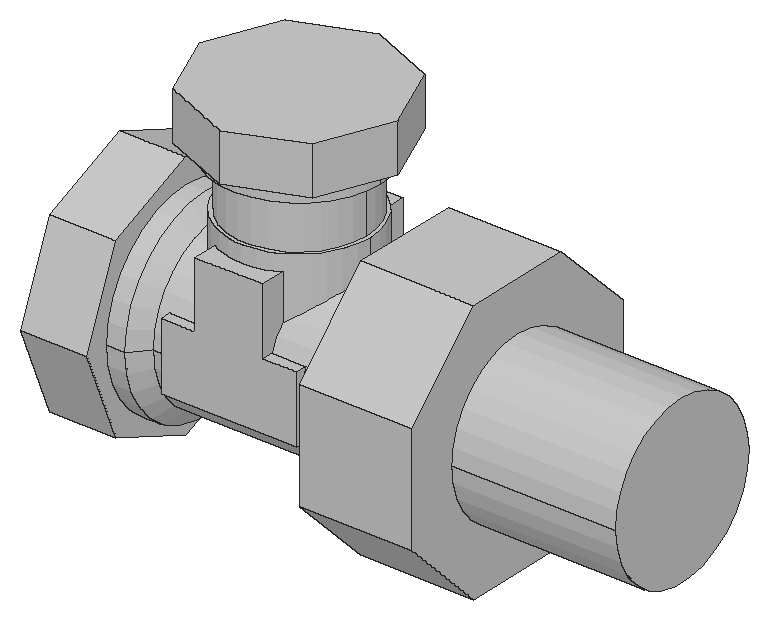
Revit family "PA_Арматура трубопроводов [клапан настроечный прямой, VT.020.N]1 - VALTEC", category Арматура трубопроводов, Revit 2018
Family settings
  Размер круглого соединителя = Использовать диаметр
  Тип детали = Вставляется
  На основе рабочей плоскости = Нет
  Всегда вертикально = Да
  При загрузке вырезать с полостями = Нет
  Общий = Нет
Parameters (values of type "VT.020.N")
  Таблица 2 = "PA_Арматура трубопроводов [клапан настроечный прямой, VT.020.N] - VALTEC - Таблица 2"  # constant formula
  Таблица 1 = "PA_Арматура трубопроводов [клапан настроечный прямой, VT.020.N] - VALTEC - Таблица 1"  # constant formula
  Изготовитель = "VALTEC"  # constant formula
  d9 [instance] = size_lookup(Таблица 1, "d9", 0 mm, d)  # 17.6 mm
  d8 [instance] = size_lookup(Таблица 1, "d8", 0 mm, d)  # 21.2 mm
  d7 [instance] = size_lookup(Таблица 1, "d7", 0 mm, d)  # 23.8 mm
  d6 [instance] = size_lookup(Таблица 1, "d6", 0 mm, d)  # 21.5 mm
  d10 [instance] = size_lookup(Таблица 1, "d10", 0 mm, d)  # 18.6 mm
  b8 [instance] = size_lookup(Таблица 1, "b8", 0 mm, d)  # 7.3 mm
  b7 [instance] = size_lookup(Таблица 1, "b7", 0 mm, d)  # 14.6 mm
  b6 [instance] = size_lookup(Таблица 1, "b6", 0 mm, d)  # 2.4 mm
  b5 [instance] = size_lookup(Таблица 1, "b5", 0 mm, d)  # 1.1 mm
  b4 [instance] = size_lookup(Таблица 1, "b4", 0 mm, d)  # 10.25 mm
  b3 [instance] = size_lookup(Таблица 1, "b3", 0 mm, d)  # 1.9 mm
  B [instance] = size_lookup(Таблица 1, "B", 0 mm, d)  # 73 mm
  b2 [instance] = size_lookup(Таблица 1, "b2", 0 mm, d)  # 2.5 mm
  d5 [instance] = size_lookup(Таблица 1, "d5", 0 mm, d)  # 34.2 mm
  d4 [instance] = size_lookup(Таблица 1, "d4", 0 mm, d)  # 22.7 mm
  d3 [instance] = size_lookup(Таблица 1, "d3", 0 mm, d)  # 21.8 mm
  d2 [instance] = size_lookup(Таблица 1, "d2", 0 mm, d)  # 26.1 mm
  d1 [instance] = size_lookup(Таблица 1, "d1", 0 mm, d)  # 29.9 mm
  d [instance] = 15 mm
  b1 [instance] = size_lookup(Таблица 1, "b1", 0 mm, d)  # 8.6 mm
  a3 [instance] = size_lookup(Таблица 1, "a3", 0 mm, d)  # 6.7 mm
  a2 [instance] = size_lookup(Таблица 1, "a2", 0 mm, d)  # 1.9 mm
  a1 [instance] = size_lookup(Таблица 1, "a1", 0 mm, d)  # 6.2 mm
  URL = "https://valtec.ru/"
  ADSK_Расход жидкости [instance] = 0.0 L/s
  ADSK_Примечание [instance] = ""
  ADSK_Потеря давления жидкости [instance] = 0.0 Pa
  ADSK_Позиция [instance] = ""
  ADSK_Обозначение [instance] = "VT.020.N"  # constant formula
  ADSK_Наименование [instance] = size_lookup(Таблица 1, "", "Данный типоразмер отсутствует", d)  # "Клапан настроечный прямой, 1/2\""
  ADSK_Материал = Сталь, нержавеющая - VALTEC
  ADSK_Масса [instance] = if(d = 15 mm, 0.178, if(d = 20 mm, 0.288, 0))  # 0.178
  ADSK_Марка [instance] = size_lookup(Таблица 2, "", "Данный типоразмер отсутствует", d)  # "VT.020.N.04"
  ADSK_Код изделия [instance] = size_lookup(Таблица 2, "", "Данный типоразмер отсутствует", d)  # "VT.020.N.04"
  ADSK_Завод-изготовитель [instance] = Изготовитель  # "VALTEC"
  ADSK_Единица измерения [instance] = "шт."  # constant formula
  ADSK_URL страницы изделия = "https://valtec.ru/catalog/radiatornaya_armatura/ruchnye_klapany_dlya_radiatorov/klapan_nastroechnyj_pryamoj_vt020n.html"
  ADSK_URL документации изделия = "https://valtec.ru/document/technical/VT.019-020-n-nr-ner-0119.pdf"
  A [instance] = size_lookup(Таблица 1, "A", 0 mm, d)  # 30 mm
Reference planes
  plane 1 "По центру (Вперед/Назад)": y = 0
  plane 2: z = 0
  plane 3 "По центру (Влево/Вправо)": x = 0
  plane 4: z = 30
  plane 5: x = 49.75
  plane 6: x = -23.25
  plane 7: x = -12.15
  plane 8: x = -10.25
  plane 9: x = 10.25
  plane 10: x = 11.35
  plane 11: x = 13.75
  plane 12: x = 28.35
  plane 13: x = -14.65
  plane 14: x = 35.65
  plane 15: z = 23.8
  plane 16: z = 21.9
  plane 17: z = 15.2
  plane 18: x = 8.8
  plane 19: x = -8.8
  plane 20: x = 8.8
  plane 21: z = 13.05
  plane 22: z = -13.05
  plane 23: x = -4.4
  plane 24: x = 4.4
  plane 25: z = -8.8
  plane 26: z = 8.8
  plane 27: z = 4.4
  plane 28: z = -4.4
  plane 29: y = 11.35
  plane 30: y = -11.35
Forms (mm)
  Extrusion 1, solid, material "Сталь, нержавеющая - VALTEC" <- "ADSK_Материал", detail levels medium+fine
    sketch origin (0, 0, 0) x (0, 1, 0) y (0, 0, 1)
      loop
        circle (0, 0) r 13.05
    from -14.65 to -12.15
  Blend 2, solid, material "Сталь, нержавеющая - VALTEC" <- "ADSK_Материал", detail levels medium+fine
    base sketch origin (0, 0, 0) x (0, 1, 0) y (0, 0, 1)
      loop
        circle (0, 0) r 13.05
    top sketch origin (0, 0, 0) x (0, 1, 0) y (0, 0, 1)
      loop
        circle (0, 0) r 10.9
    from -12.15 to -10.25
  Extrusion 3, solid, material "Сталь, нержавеющая - VALTEC" <- "ADSK_Материал", detail levels medium+fine
    sketch origin (0, 0, 0) x (0, 1, 0) y (0, 0, 1)
      loop
        circle (0, 0) r 10.9
    from -10.25 to 10.25
  Blend 4, solid, material "Сталь, нержавеющая - VALTEC" <- "ADSK_Материал", detail levels medium+fine
    base sketch origin (0, 0, 0) x (0, 1, 0) y (0, 0, 1)
      loop
        circle (0, 0) r 10.9
    top sketch origin (0, 0, 0) x (0, 1, 0) y (0, 0, 1)
      loop
        circle (0, 0) r 11.35
    from 10.25 to 11.35
  Extrusion 5, solid, material "Сталь, нержавеющая - VALTEC" <- "ADSK_Материал", detail levels medium+fine
    sketch origin (0, 0, 0) x (0, 1, 0) y (0, 0, 1)
      loop
        circle (0, 0) r 11.35
    from 11.35 to 13.75
  Extrusion 6, solid, material "Сталь, нержавеющая - VALTEC" <- "ADSK_Материал", detail levels medium+fine
    sketch origin (0, 0, 0) x (0, 1, 0) y (0, 0, 1)
      loop
        circle (0, 0) r 10.75
    from 28.35 to 49.75
  Extrusion 7, solid, material "Сталь, нержавеющая - VALTEC" <- "ADSK_Материал", detail levels medium+fine
    sketch origin (0, 0, 0) x (1, 0, 0) y (0, 1, 0)
      loop
        circle (0, 0) r 10.6
    from 21.9 to 23.8
  Extrusion 8, solid, material "Сталь, нержавеющая - VALTEC" <- "ADSK_Материал", detail levels medium+fine
    sketch origin (0, 0, 0) x (1, 0, 0) y (0, 1, 0)
      loop
        circle (0, 0) r 8.8
    from 15.2 to 21.9
  Extrusion 9, solid, material "Сталь, нержавеющая - VALTEC" <- "ADSK_Материал", detail levels medium+fine
    sketch origin (0, 0, 0) x (1, 0, 0) y (0, 1, 0)
      loop
        circle (0, 0) r 9.3
    from 0 to 15.2
  Extrusion 10, solid, material "Сталь, нержавеющая - VALTEC" <- "ADSK_Материал", detail levels medium+fine
    sketch origin (0, 0, 0) x (1, 0, 0) y (0, 0, 1)
      loop
        line (-4.4, 4.4) -> (-8.8, 4.4) -> (-8.8, -4.4) -> (8.8, -4.4) -> (8.8, 4.4) -> (4.4, 4.4) -> (4.4, 13.05) -> (-4.4, 13.05) -> (-4.4, 4.4)
    from -11.35 to 11.35
Cuts and joins
  joined: Extrusion 1, Blend 2, Extrusion 3, Blend 4, Extrusion 5, Extrusion 6, Extrusion 7, Extrusion 8, Extrusion 9, Extrusion 10
Lines and regions (mm)
  reference lines
    curve 1: line (-23.25, 0, 0) -> (35.65, 0, 0)
  model lines, detail levels coarse
    curve 2: line (-23.25, -15, 0) -> (-23.25, 15, 0)
    curve 3: line (35.65, -15, 0) -> (35.65, 15, 0)
    curve 4: line (35.65, -15, 0) -> (-23.25, 15, 0)
    curve 5: line (35.65, 15, 0) -> (-23.25, -15, 0)
  model lines, detail levels medium+fine
    curve 6: line (35.65, 0, 0) -> (49.75, 0, 0)
  symbolic lines, detail levels coarse
    curve 7: line (-23.25, 0, -15) -> (35.65, 0, 15)
    curve 8: line (-23.25, 0, -15) -> (-23.25, 0, 15)
    curve 9: line (35.65, 0, -15) -> (35.65, 0, 15)
    curve 10: line (-23.25, 0, 15) -> (35.65, 0, -15)
Dimensions and locks
  "B": plane 5 to plane 6
  "b3": plane 8 to plane 7
  "b5": plane 10 to plane 9
  "b6": plane 11 to plane 10
  "b7": plane 12 to plane 11
  "b2": plane 7 to plane 13
  "b1": plane 13 to plane 6
  "b4": plane 3 "По центру (Влево/Вправо)" to plane 8
  "b4": plane 9 to plane 3 "По центру (Влево/Вправо)"
  "b8": plane 14 to plane 12
  "A": plane 4 to plane 2
  "a3": plane 16 to plane 17
  "a2": plane 15 to plane 16
  "a1": plane 4 to plane 15
  plane 18 to plane 3 "По центру (Влево/Вправо)" = 8.8 mm  (x2)
  equal spacing: plane 20, plane 3 "По центру (Влево/Вправо)", plane 19
  "d9": plane 20 to plane 19
  equal spacing: plane 21, plane 2, plane 22
  "d2": plane 21 to plane 22
  equal spacing: plane 3 "По центру (Влево/Вправо)", plane 23, plane 19
  equal spacing: plane 20, plane 24, plane 3 "По центру (Влево/Вправо)"
  equal spacing: plane 26, plane 2, plane 25
  "d9": plane 26 to plane 25
  equal spacing: plane 26, plane 27, plane 2
  equal spacing: plane 2, plane 28, plane 25
  equal spacing: plane 30, plane 1 "По центру (Вперед/Назад)", plane 29
  "d4": plane 30 to plane 29
  curve 2 to plane 1 "По центру (Вперед/Назад)" to curve 2 = 15 mm locked, 15 mm locked
  curve 3 to plane 1 "По центру (Вперед/Назад)" to curve 3 = 15 mm locked, 15 mm locked
  curve 8 to level to curve 8 = 15 mm locked, 15 mm locked
  curve 9 to level to curve 9 = 15 mm locked, 15 mm locked
  "d2": diameter of Extrusion 1 sketch curve
  "d2": diameter of Blend 2 sketch curve
  "d3": diameter of Blend 2 sketch curve
  "d3": diameter of Extrusion 3 sketch curve
  "d3": diameter of Blend 4 sketch curve
  "d4": diameter of Blend 4 sketch curve
  "d4": diameter of Extrusion 5 sketch curve
  "d6": diameter of Extrusion 6 sketch curve
  "d8": diameter of Extrusion 7 sketch curve
  "d9": diameter of Extrusion 8 sketch curve
  "d10": diameter of Extrusion 9 sketch curve
  aligned and locked: level to plane 2
  aligned and locked: plane 1 "По центру (Вперед/Назад)" to nested 1
  aligned and locked: nested 2 to plane 1 "По центру (Вперед/Назад)"
  aligned and locked: level to nested 2
  aligned and locked: nested 1 to plane 6
  aligned and locked: nested 2 to plane 11
  aligned and locked: level to Extrusion 1 sketch curve
  aligned and locked: plane 1 "По центру (Вперед/Назад)" to Extrusion 1 sketch curve
  aligned and locked: plane 1 "По центру (Вперед/Назад)" to Blend 2 sketch curve  (x2)
  aligned and locked: level to Blend 2 sketch curve  (x2)
  aligned and locked: level to Extrusion 3 sketch curve
  aligned and locked: plane 1 "По центру (Вперед/Назад)" to Extrusion 3 sketch curve
  aligned and locked: Extrusion 1 to plane 13
  aligned and locked: plane 7 to Extrusion 1
  aligned and locked: Blend 2 to plane 7
  aligned and locked: plane 8 to Blend 2
  aligned and locked: Extrusion 3 to plane 8
  aligned and locked: plane 9 to Extrusion 3
  aligned and locked: level to Blend 4 sketch curve  (x2)
  aligned and locked: plane 1 "По центру (Вперед/Назад)" to Blend 4 sketch curve  (x2)
  aligned and locked: level to Extrusion 5 sketch curve
  aligned and locked: plane 1 "По центру (Вперед/Назад)" to Extrusion 5 sketch curve
  aligned and locked: level to Extrusion 6 sketch curve
  aligned and locked: plane 1 "По центру (Вперед/Назад)" to Extrusion 6 sketch curve
  aligned and locked: Extrusion 6 to plane 12
  aligned and locked: Extrusion 6 to plane 5
  aligned and locked: Blend 4 to plane 9
  aligned and locked: plane 10 to Blend 4
  aligned and locked: Extrusion 5 to plane 10
  aligned and locked: plane 11 to Extrusion 5
  aligned and locked: plane 14 to curve 1
  aligned and locked: plane 6 to curve 1
  aligned and locked: curve 1 to level
  aligned and locked: plane 1 "По центру (Вперед/Назад)" to nested 3
  aligned and locked: plane 3 "По центру (Влево/Вправо)" to nested 3
  aligned and locked: plane 3 "По центру (Влево/Вправо)" to Extrusion 7 sketch curve
  aligned and locked: plane 1 "По центру (Вперед/Назад)" to Extrusion 7 sketch curve
  aligned and locked: plane 3 "По центру (Влево/Вправо)" to Extrusion 8 sketch curve
  aligned and locked: plane 1 "По центру (Вперед/Назад)" to Extrusion 8 sketch curve
  aligned and locked: plane 1 "По центру (Вперед/Назад)" to Extrusion 9 sketch curve
  aligned and locked: plane 3 "По центру (Влево/Вправо)" to Extrusion 9 sketch curve
  aligned and locked: Extrusion 7 to plane 16
  aligned and locked: plane 15 to Extrusion 7
  aligned and locked: nested 3 to plane 15
  aligned and locked: plane 16 to Extrusion 8
  aligned and locked: Extrusion 8 to plane 17
  aligned and locked: plane 17 to Extrusion 9
  aligned and locked: Extrusion 9 to level
  aligned and locked: plane 23 to Extrusion 10 sketch curve
  aligned and locked: Extrusion 10 sketch curve to plane 27  (x2)
  aligned and locked: plane 27 to Extrusion 10 sketch curve
  aligned and locked: Extrusion 10 sketch curve to plane 24
  aligned and locked: Extrusion 10 sketch curve to plane 21
  aligned and locked: plane 20 to Extrusion 10 sketch curve
  aligned and locked: plane 28 to Extrusion 10 sketch curve
  aligned and locked: plane 19 to Extrusion 10 sketch curve
  aligned and locked: plane 30 to Extrusion 10
  aligned and locked: plane 29 to Extrusion 10
  aligned and locked: plane 6 to curve 2
  aligned and locked: plane 14 to curve 3
  aligned and locked: plane 14 to curve 6
  aligned and locked: plane 5 to curve 6
  aligned and locked: plane 1 "По центру (Вперед/Назад)" to curve 6
  aligned and locked: plane 6 to curve 8
  aligned and locked: plane 14 to curve 9
Nested families
  nested 1: "Гайка - горизонталь" at (-18.95, 0, 0), ADSK_Материал <- "ADSK_Материал", d <- "d1", l <- "b1", type "Гайка - горизонталь", detail levels medium+fine
    with l 8.6 mm, d 29.9 mm, ADSK_Материал Сталь, нержавеющая - VALTEC
  nested 2: "Гайка - горизонталь" at (21.05, 0, 0) x (1, 0, 0) z (0, 0.9239, 0.3827), ADSK_Материал <- "ADSK_Материал", d <- "d5", l <- "b7", type "Гайка - горизонталь", detail levels medium+fine
    with l 14.6 mm, d 34.2 mm, ADSK_Материал Сталь, нержавеющая - VALTEC
  nested 3: "Гайка - вертикаль" at (0, 0, 23.8), d <- "d7", h <- "a1", ADSK_Материал <- "ADSK_Материал", type "Гайка - вертикаль", detail levels medium+fine
    with h 6.2 mm, d 23.8 mm, ADSK_Материал Сталь, нержавеющая - VALTEC
Connectors
  piping at (-23.25, 0, 0), diameter 15, driven by "d", driven by "ADSK_Расход жидкости", driven by "ADSK_Потеря давления жидкости"
    settings: on curve 1, index 1, connector inside diameter 609.6 mm, connector length 0 mm, flow factor 0, pipe flow 0.0 L/s, pressure drop 0.0 Pa, fitting loss kfactor 0, connector angle 0.00°, fixture units 0, engagement length 0 mm, angle of deflection 0.00°, flow configuration 0, flow direction 0, fitting loss method 4, system type 29, joint type 0, gender type 0, connector reference index 2, connector utility 0, adjustable connector no, is connector primary yes, connector description ""
  piping at (35.65, 0, 0), diameter 15, driven by "d", driven by "ADSK_Расход жидкости"
    settings: on curve 1, index 2, connector inside diameter 609.6 mm, connector length 0 mm, flow factor 0, pipe flow 0.0 L/s, pressure drop 0.0 Pa, fitting loss kfactor 0, connector angle 0.00°, fixture units 0, engagement length 0 mm, angle of deflection 0.00°, flow configuration 0, flow direction 0, fitting loss method 0, system type 29, joint type 0, gender type 0, connector reference index 1, connector utility 0, adjustable connector no, is connector primary no, connector description ""
Definition of nested family "Гайка - горизонталь"
  Parameters (values of type "Гайка - горизонталь")
    d [instance] = 588.881 mm
    l [instance] = 637.4 mm
    ADSK_Материал [instance] = none
  Reference planes
    plane 1 "По центру (Вперед/Назад)": y = 0
    plane 2: z = 0
    plane 3 "По центру (Влево/Вправо)": x = 0
    plane 4: y = 318.7
    plane 5: y = -318.7
    plane 6: through (0, -912.519, 2972.425) normal (0, -0.9239, -0.3827)
    plane 7: through (0, -1234.338, 2979.956) normal (0, -0.9239, -0.3827)
    plane 8: through (0, -1556.157, 2987.486) normal (0, -0.9239, -0.3827)
    plane 9: through (0, 1234.338, 2979.956) normal (0, -0.9239, 0.3827)
    plane 10: through (0, -2420.114, 1321.144) normal (0, -0.3827, -0.9239)
    plane 11: through (0, -2532.792, 1049.117) normal (0, -0.3827, -0.9239)
    plane 12: through (0, -2645.469, 777.089) normal (0, -0.3827, -0.9239)
    plane 13: through (0, 2420.114, 1321.144) normal (0, -0.3827, 0.9239)
    plane 14: through (0, 2532.792, 1049.117) normal (0, -0.3827, 0.9239)
    plane 15: through (0, 2645.469, 777.089) normal (0, -0.3827, 0.9239)
    plane 16: through (0, 912.519, 2972.425) normal (0, -0.9239, 0.3827)
    plane 17: through (0, 1234.338, 2979.956) normal (0, -0.9239, 0.3827)
    plane 18: through (0, 1556.157, 2987.486) normal (0, -0.9239, 0.3827)
    plane 19: x = 318.7
    plane 20: x = -318.7
  Forms (mm)
    Extrusion 1, solid, material <- "ADSK_Материал"
      sketch origin (0, 0, 0) x (0, 1, 0) y (0, 0, 1)
        loop
          line (0, 318.7) -> (-225.355, 225.355) -> (-318.7, 0) -> (-225.355, -225.355) -> (0, -318.7) -> (225.355, -225.355) -> (318.7, 0) -> (225.355, 225.355) -> (0, 318.7)
      from -318.7 to 318.7
  Lines and regions (mm)
    reference lines
      curve 1: line (0, -112.677, -272.027) -> (0, 112.677, 272.027)
      curve 2: line (0, -272.027, 112.677) -> (0, 272.027, -112.677)
  Dimensions and locks
    equal spacing: plane 4, plane 1 "По центру (Вперед/Назад)", plane 5
    locked: plane 4 to plane 5 at 637.4
    equal spacing: plane 8, plane 7, plane 6
    "d": plane 8 to plane 6
    equal spacing: plane 12, plane 11, plane 10
    "d": plane 12 to plane 10
    equal spacing: plane 15, plane 14, plane 13
    "d": plane 15 to plane 13
    equal spacing: plane 18, plane 17, plane 16
    "d": plane 18 to plane 16
    equal spacing: plane 20, plane 3 "По центру (Влево/Вправо)", plane 19
    "l": plane 20 to plane 19
    aligned and locked: level to plane 2
    aligned and locked: plane 10 to Extrusion 1 sketch curve
    aligned and locked: plane 13 to Extrusion 1 sketch curve
    aligned and locked: plane 16 to Extrusion 1 sketch curve
    aligned and locked: Extrusion 1 sketch curve to plane 8
    aligned and locked: Extrusion 1 sketch curve to plane 12
    aligned and locked: Extrusion 1 sketch curve to plane 15
    aligned and locked: Extrusion 1 sketch curve to plane 18
    aligned and locked: plane 6 to Extrusion 1 sketch curve
    aligned and locked: plane 19 to Extrusion 1
    aligned and locked: plane 20 to Extrusion 1
    aligned and locked: Extrusion 1 to plane 19
    aligned and locked: plane 16 to curve 2
    aligned and locked: plane 18 to curve 2
    aligned and locked: curve 2 to plane 11
    aligned and locked: plane 12 to curve 1
    aligned and locked: plane 10 to curve 1
    aligned and locked: curve 1 to plane 17
Definition of nested family "Гайка - вертикаль"
  Parameters (values of type "Гайка - вертикаль")
    h [instance] = 7.5 mm
    d [instance] = 11.918 mm
    ADSK_Материал [instance] = none
  Reference planes
    plane 1 "По центру (Вперед/Назад)": y = 0
    plane 2: z = 0
    plane 3 "По центру (Влево/Вправо)": x = 0
    plane 4: x = -6.45
    plane 5: x = 6.45
    plane 6: through (737.894, 1797.006, 1200) normal (0.9239, -0.3827, 0)
    plane 7: through (765.367, 1847.759, 1200) normal (0.9239, -0.3827, 0)
    plane 8: through (792.839, 1898.512, 1200) normal (0.9239, -0.3827, 0)
    plane 9: through (-737.894, 1797.006, 1200) normal (0.9239, 0.3827, 0)
    plane 10: through (-765.367, 1847.759, 1200) normal (0.9239, 0.3827, 0)
    plane 11: through (-792.839, 1898.512, 1200) normal (0.9239, 0.3827, 0)
    plane 12: through (1845.479, 770.872, 1200) normal (0.3827, -0.9239, 0)
    plane 13: through (1847.759, 765.367, 1200) normal (0.3827, -0.9239, 0)
    plane 14: through (1850.039, 759.861, 1200) normal (0.3827, -0.9239, 0)
    plane 15: through (-1845.479, 770.872, 1200) normal (0.3827, 0.9239, 0)
    plane 16: through (-1847.759, 765.367, 1200) normal (0.3827, 0.9239, 0)
    plane 17: through (-1850.039, 759.861, 1200) normal (0.3827, 0.9239, 0)
    plane 18: z = 7.5
  Forms (mm)
    Extrusion 1, solid, material <- "ADSK_Материал"
      sketch origin (0, 0, 0) x (1, 0, 0) y (0, 1, 0)
        loop
          line (0, 6.45) -> (-4.561, 4.561) -> (-6.45, 0) -> (-4.561, -4.561) -> (0, -6.45) -> (4.561, -4.561) -> (6.45, 0) -> (4.561, 4.561) -> (0, 6.45)
      from 0 to 7.5
  Lines and regions (mm)
    reference lines
      curve 1: line (-5.505, -2.28, 0) -> (5.505, 2.28, 0)
      curve 2: line (-2.28, 5.505, 0) -> (2.28, -5.505, 0)
  Dimensions and locks
    equal spacing: plane 4, plane 3 "По центру (Влево/Вправо)", plane 5
    locked: plane 4 to plane 5 at 12.9
    equal spacing: plane 6, plane 7, plane 8
    "d": plane 6 to plane 8
    equal spacing: plane 9, plane 10, plane 11
    "d": plane 9 to plane 11
    equal spacing: plane 12, plane 13, plane 14
    "d": plane 12 to plane 14
    equal spacing: plane 15, plane 16, plane 17
    "d": plane 15 to plane 17
    "h": plane 18 to plane 2
    aligned and locked: level to plane 2
    aligned and locked: plane 12 to Extrusion 1 sketch curve
    aligned and locked: plane 15 to Extrusion 1 sketch curve
    aligned and locked: plane 9 to Extrusion 1 sketch curve
    aligned and locked: Extrusion 1 sketch curve to plane 8
    aligned and locked: Extrusion 1 sketch curve to plane 14
    aligned and locked: Extrusion 1 sketch curve to plane 17
    aligned and locked: Extrusion 1 sketch curve to plane 11
    aligned and locked: plane 6 to Extrusion 1 sketch curve
    aligned and locked: plane 18 to Extrusion 1
    aligned and locked: plane 12 to curve 2
    aligned and locked: plane 14 to curve 2
    aligned and locked: plane 9 to curve 1
    aligned and locked: plane 11 to curve 1
    aligned and locked: curve 1 to plane 13
    aligned and locked: curve 2 to plane 10
